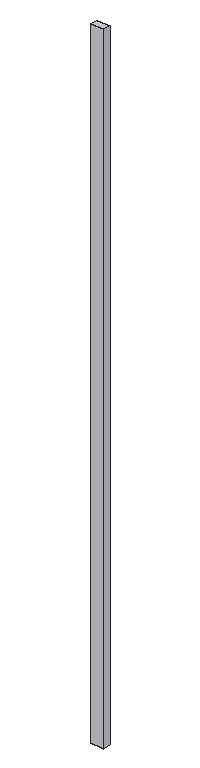
Revit family "traaglattung", category Generic Models, Revit 2021
Family settings
  Can host rebar = No
  Round Connector Dimension = Use Diameter
  Part Type = Normal
  Always vertical = Yes
  Cut with Voids When Loaded = No
  Shared = No
  Room Calculation Point = No
Parameters
  Default Elevation = 0 mm
  Breite = 80 mm
Reference planes
  plane 1 "Center (Front/Back)": y = 0
  plane 2: z = 0
  plane 3 "Center (Left/Right)": x = 0
Forms (mm)
  Extrusion 1, solid
    sketch origin (0, 0, 0) x (1, 0, 0) y (0, 1, 0)
      loop
        line (-40, 20) -> (-40, -20) -> (40, -20) -> (40, 20) -> (-40, 20)
    from 0 to 4000
Dimensions and locks
  equal spacing: Extrusion 1 sketch curve, plane 3 "Center (Left/Right)", Extrusion 1 sketch curve
  "Breite": Extrusion 1 sketch curve to Extrusion 1 sketch curve
  aligned and locked: level to plane 2
  aligned and locked: level to Extrusion 1
Automatic sketch dimensions
  plane 1 "Center (Front/Back)" to Extrusion 1 sketch curve = 20 mm
  Extrusion 1 sketch curve to plane 1 "Center (Front/Back)" = 20 mm
